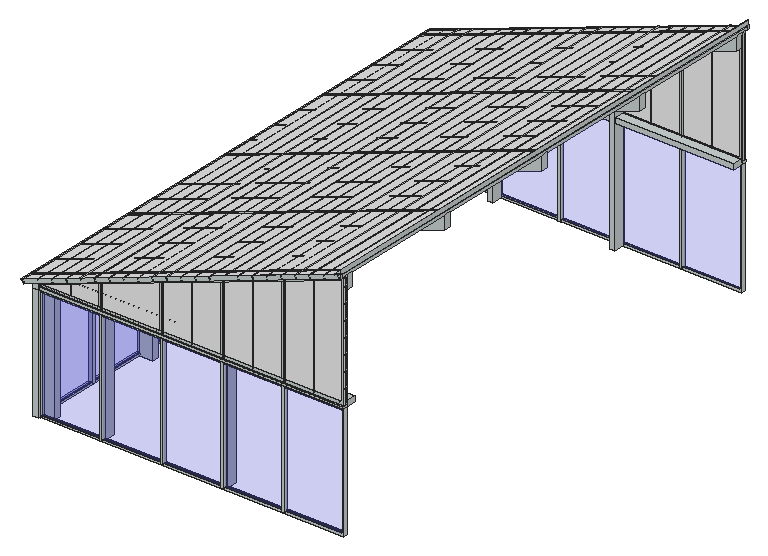
Revit family "Lean-To Shed Enclosure", category Generic Models, Revit 2018 (continued)
Definition of nested family "Lean-To Shed Enclosure Endwall Panels"
  Reference planes (in)
    plane 8: z = 2.751
    plane 9: y = -1.75
    plane 10 "Left Outside": x = -1100
    plane 11 "Right Outside": x = 1100
    plane 12: y = 0.25
    plane 13 "Max Top PD": y = 1080
    plane 14 "Max Left PD": x = -1076
    plane 15 "Max Right PD": x = 1076
    plane 16 "Top Outside": y = 1104
    plane 17: x = -24
    plane 18: x = -48
    plane 19: x = -72
    plane 20: x = -96
    plane 21: x = -120
    plane 22: x = -144
    plane 23: x = -168
    plane 24: x = -192
    plane 25: x = 24
    plane 26: x = 48
    plane 27: x = 72
    plane 28: x = 96
    plane 29: x = 120
    plane 30: x = 144
    plane 31: x = 168
    plane 32: x = 192
    plane 33: x = 216
    plane 34: x = -216
    plane 35: x = -240
    plane 36: x = 240
    plane 37: x = -264
    plane 38: x = -288
    plane 39: x = -312
    plane 40: x = -336
    plane 41: x = -360
    plane 42: x = -384
    plane 43: x = -408
    plane 44: x = 264
    plane 45: x = 288
    plane 46: x = 312
    plane 47: x = 336
    plane 48: x = 360
    plane 49: x = 384
    plane 50: x = 408
    plane 51: y = 12.25
    plane 52: y = 24.25
    plane 53: y = 36.25
    plane 54: y = 48.25
    plane 55: y = 60.25
    plane 56: y = 72.25
    plane 57: y = 84.25
    plane 58: y = 96.25
    plane 59: y = 108.25
    plane 60: z = 2.876
    plane 61: z = -0.125
    plane 62 "Bot Max": y = -36
    plane 63 "Bot Outside": y = -48
    plane 64: x = -432
    plane 65: x = -456
    plane 66: x = 432
    plane 67: x = 456
    plane 68: y = 120.25
    plane 69: y = 132.25
    plane 70: y = 144.25
    plane 71: y = 156.25
    plane 72: y = 168.25
    plane 73: y = 180.25
    plane 74: y = 192.25
    plane 75: y = 204.25
    plane 76: y = 216.25
    plane 77: y = 228.25
    plane 78: y = 240.25
    plane 79: y = 252.25
    plane 80: y = 264.25
    plane 81: y = 276.25
    plane 82: y = 288.25
    plane 83: y = 300.25
    plane 84: y = 312.25
    plane 85: y = 324.25
    plane 86: y = 336.25
    plane 87: y = 348.25
    plane 88: y = 360.25
    plane 89: y = 372.25
    plane 90: y = 384.25
    plane 91: y = 396.25
    plane 92: y = 408.25
    plane 93: y = 420.25
    plane 94: y = 432.25
    plane 95: y = 444.25
    plane 96: y = 456.25
    plane 97: y = 468.25
    plane 98: y = 480.25
    plane 99: y = 492.25
    plane 100: y = 504.25
    plane 101: y = 516.25
    plane 102: y = 528.25
    plane 103: x = -480
    plane 104: x = -504
    plane 105: x = -528
    plane 106: x = -552
    plane 107: x = -576
    plane 108: x = -600
    plane 109: x = -624
    plane 110: x = -648
    plane 111: x = -672
    plane 112: x = -696
    plane 113: x = -720
    plane 114: x = -744
    plane 115: x = 480
    plane 116: x = 504
    plane 117: x = 552
    plane 118: x = 528
    plane 119: x = 576
    plane 120: x = 600
    plane 121: x = 648
    plane 122: x = 624
    plane 123: x = 672
    plane 124: x = 696
    plane 125: x = 720
    plane 126: x = 744
    plane 127: y = 540.25
    plane 128: y = 552.25
    plane 129: y = 564.25
    plane 130: y = 576.25
    plane 131: y = 588.25
    plane 132: y = 600.25
    plane 133: y = 612.25
    plane 134: y = 624.25
    plane 135: y = 636.25
    plane 136: y = 648.25
    plane 137: y = 660.25
    plane 138: y = 684.25
    plane 139: y = 696.25
    plane 140: y = 672.25
    plane 141: y = 708.25
    plane 142: y = 720.25
    plane 143: y = 744.25
    plane 144: y = 732.25
    plane 145: y = 768.25
    plane 146: y = 756.25
    plane 147: y = 780.25
    plane 148: y = 804.25
    plane 149: y = 792.25
    plane 150: y = 816.25
    plane 151: y = 828.25
    plane 152: y = 840.25
    plane 153: y = 852.25
    plane 154: y = 864.25
    plane 155: y = 876.25
    plane 156: y = 888.25
    plane 157: y = 900.25
    plane 158: y = 912.25
    plane 159: y = 936.25
    plane 160: y = 948.25
    plane 161: y = 960.25
    plane 162: y = 924.25
  Forms (in)
    Extrusion 1, solid
      sketch origin (0, 0, 0) x (1, 0, 0) y (0, 1, 0)
        loop
          line (1076, 0) -> (1076, 1080) -> (-1076, 1080) -> (-1076, 0) -> (1076, 0)
      from 0.063 to 0
    Extrusion 2, solid
      sketch origin (0, 0, 0) x (1, 0, 0) y (0, 1, 0)
        loop
          line (1076, 0) -> (1076, 1080) -> (-1076, 1080) -> (-1076, 0) -> (1076, 0)
      from 2.688 to 2.751
    Sweep 3, solid
      path origin (0, 0, 0) x (1, 0, 0) y (0, 1, 0)
        loop
          line (1076, 1080) -> (1076, 0.25) -> (744, 0.25) -> (744, 1080) -> (720, 1080) -> (720, 0.25) -> (696, 0.25) -> (696, 1080) -> (672, 1080) -> (672, 0.25) -> (648, 0.25) -> (648, 1080) -> (624, 1080) -> (624, 0.25) -> (600, 0.25) -> (600, 1080) -> (576, 1080) -> (576, 0.25) -> (552, 0.25) -> (552, 1080) -> (528, 1080) -> (528, 0.25) -> (504, 0.25) -> (504, 1080) -> (480, 1080) -> (480, 0.25) -> (456, 0.25) -> (456, 1080) -> (432, 1080) -> (432, 0.25) -> (408, 0.25) -> (408, 1080) -> (384, 1080) -> (384, 0.25) -> (360, 0.25) -> (360, 1080) -> (336, 1080) -> (336, 0.25) -> (312, 0.25) -> (312, 1080) -> (288, 1080) -> (288, 0.25) -> (264, 0.25) -> (264, 1080) -> (240, 1080) -> (240, 0.25) -> (216, 0.25) -> (216, 1080) -> (192, 1080) -> (192, 0.25) -> (168, 0.25) -> (168, 1080) -> (144, 1080) -> (144, 0.25) -> (120, 0.25) -> (120, 1080) -> (96, 1080) -> (96, 0.25) -> (72, 0.25) -> (72, 1080) -> (48, 1080) -> (48, 0.25) -> (24, 0.25) -> (24, 1080) -> (0, 1080) -> (0, 0.25) -> (-24, 0.25) -> (-24, 1080) -> (-48, 1080) -> (-48, 0.25) -> (-72, 0.25) -> (-72, 1080) -> (-96, 1080) -> (-96, 0.25) -> (-120, 0.25) -> (-120, 1080) -> (-144, 1080) -> (-144, 0.25) -> (-168, 0.25) -> (-168, 1080) -> (-192, 1080) -> (-192, 0.25) -> (-216, 0.25) -> (-216, 1080) -> (-240, 1080) -> (-240, 0.25) -> (-264, 0.25) -> (-264, 1080) -> (-288, 1080) -> (-288, 0.25) -> (-312, 0.25) -> (-312, 1080) -> (-336, 1080) -> (-336, 0.25) -> (-360, 0.25) -> (-360, 1080) -> (-384, 1080) -> (-384, 0.25) -> (-408, 0.25) -> (-408, 1080) -> (-432, 1080) -> (-432, 0.25) -> (-456, 0.25) -> (-456, 1080) -> (-480, 1080) -> (-480, 0.25) -> (-504, 0.25) -> (-504, 1080) -> (-528, 1080) -> (-528, 0.25) -> (-552, 0.25) -> (-552, 1080) -> (-576, 1080) -> (-576, 0.25) -> (-600, 0.25) -> (-600, 1080) -> (-624, 1080) -> (-624, 0.25) -> (-648, 0.25) -> (-648, 1080) -> (-672, 1080) -> (-672, 0.25) -> (-696, 0.25) -> (-696, 1080) -> (-720, 1080) -> (-720, 0.25) -> (-744, 0.25) -> (-744, 1080) -> (-1076, 1080) -> (-1076, 0.25)
      profile origin (-1076, 540.125, 0) x (1, 0, 0) y (0, 0, 1)
        loop
          line (0.25, 0.063) -> (0.25, 2.688) -> (-0.25, 2.688) -> (-0.25, 0.063) -> (0.25, 0.063)
    Sweep 4, solid
      path origin (0, 0, 0) x (1, 0, 0) y (0, 1, 0)
        loop
          line (1076, 1080) -> (-1076, 1080) -> (-1076, 960.25) -> (1076, 960.25) -> (1076, 948.25) -> (-1076, 948.25) -> (-1076, 936.25) -> (1076, 936.25) -> (1076, 924.25) -> (-1076, 924.25) -> (-1076, 912.25) -> (1076, 912.25) -> (1076, 900.25) -> (-1076, 900.25) -> (-1076, 888.25) -> (1076, 888.25) -> (1076, 876.25) -> (-1076, 876.25) -> (-1076, 864.25) -> (1076, 864.25) -> (1076, 852.25) -> (-1076, 852.25) -> (-1076, 840.25) -> (1076, 840.25) -> (1076, 828.25) -> (-1076, 828.25) -> (-1076, 816.25) -> (1076, 816.25) -> (1076, 804.25) -> (-1076, 804.25) -> (-1076, 792.25) -> (1076, 792.25) -> (1076, 780.25) -> (-1076, 780.25) -> (-1076, 768.25) -> (1076, 768.25) -> (1076, 756.25) -> (-1076, 756.25) -> (-1076, 744.25) -> (1076, 744.25) -> (1076, 732.25) -> (-1076, 732.25) -> (-1076, 720.25) -> (1076, 720.25) -> (1076, 708.25) -> (-1076, 708.25) -> (-1076, 696.25) -> (1076, 696.25) -> (1076, 684.25) -> (-1076, 684.25) -> (-1076, 672.25) -> (1076, 672.25) -> (1076, 660.25) -> (-1076, 660.25) -> (-1076, 648.25) -> (1076, 648.25) -> (1076, 636.25) -> (-1076, 636.25) -> (-1076, 624.25) -> (1076, 624.25) -> (1076, 612.25) -> (-1076, 612.25) -> (-1076, 600.25) -> (1076, 600.25) -> (1076, 588.25) -> (-1076, 588.25) -> (-1076, 576.25) -> (1076, 576.25) -> (1076, 564.25) -> (-1076, 564.25) -> (-1076, 552.25) -> (1076, 552.25) -> (1076, 540.25) -> (-1076, 540.25) -> (-1076, 528.25) -> (1076, 528.25) -> (1076, 516.25) -> (-1076, 516.25) -> (-1076, 504.25) -> (1076, 504.25) -> (1076, 492.25) -> (-1076, 492.25) -> (-1076, 480.25) -> (1076, 480.25) -> (1076, 468.25) -> (-1076, 468.25) -> (-1076, 456.25) -> (1076, 456.25) -> (1076, 444.25) -> (-1076, 444.25) -> (-1076, 432.25) -> (1076, 432.25) -> (1076, 420.25) -> (-1076, 420.25) -> (-1076, 408.25) -> (1076, 408.25) -> (1076, 396.25) -> (-1076, 396.25) -> (-1076, 384.25) -> (1076, 384.25) -> (1076, 372.25) -> (-1076, 372.25) -> (-1076, 360.25) -> (1076, 360.25) -> (1076, 348.25) -> (-1076, 348.25) -> (-1076, 336.25) -> (1076, 336.25) -> (1076, 324.25) -> (-1076, 324.25) -> (-1076, 312.25) -> (1076, 312.25) -> (1076, 300.25) -> (-1076, 300.25) -> (-1076, 288.25) -> (1076, 288.25) -> (1076, 276.25) -> (-1076, 276.25) -> (-1076, 264.25) -> (1076, 264.25) -> (1076, 252.25) -> (-1076, 252.25) -> (-1076, 240.25) -> (1076, 240.25) -> (1076, 228.25) -> (-1076, 228.25) -> (-1076, 216.25) -> (1076, 216.25) -> (1076, 204.25) -> (-1076, 204.25) -> (-1076, 192.25) -> (1076, 192.25) -> (1076, 180.25) -> (-1076, 180.25) -> (-1076, 168.25) -> (1076, 168.25) -> (1076, 156.25) -> (-1076, 156.25) -> (-1076, 144.25) -> (1076, 144.25) -> (1076, 132.25) -> (-1076, 132.25) -> (-1076, 120.25) -> (1076, 120.25) -> (1076, 108.25) -> (-1076, 108.25) -> (-1076, 96.25) -> (1076, 96.25) -> (1076, 84.25) -> (-1076, 84.25) -> (-1076, 72.25) -> (1076, 72.25) -> (1076, 60.25) -> (-1076, 60.25) -> (-1076, 48.25) -> (1076, 48.25) -> (1076, 36.25) -> (-1076, 36.25) -> (-1076, 24.25) -> (1076, 24.25) -> (1076, 12.25) -> (-1076, 12.25) -> (-1076, 0.25) -> (1076, 0.25)
      profile origin (0, 0.25, 0) x (0, 1, 0) y (0, 0, 1)
        loop
          line (-0.25, 2.688) -> (-0.25, 0.063) -> (0.25, 0.063) -> (0.25, 2.688) -> (-0.25, 2.688)
    Extrusion 5, void
      sketch origin (0, 0, 0) x (1, 0, 0) y (0, 1, 0)
        loop
          line (120, -1.75) -> (120, 96) -> (720, 96) -> (720, -1.75) -> (1100, -1.75) -> (1100, 1104) -> (-1100, 1104) -> (-1100, -1.75) -> (120, -1.75)
      from -0.125 to 2.876
    Extrusion 6, void
      sketch origin (0, 0, 0) x (1, 0, 0) y (0, 1, 0)
        loop
          line (-1100, -48) -> (1100, -48) -> (1100, 0) -> (-1100, 0) -> (-1100, -48)
      from -0.125 to 2.876
    Sweep 7, solid, material <- "CRF"
      path origin (0, 0, 0) x (1, 0, 0) y (0, 1, 0)
        loop
          line (-1076, 1080) -> (-1076, -36) -> (-720, -36) -> (-720, 1080) -> (-672, 1080) -> (-672, -36) -> (-624, -36) -> (-624, 1080) -> (-576, 1080) -> (-576, -36) -> (-528, -36) -> (-528, 1080) -> (-480, 1080) -> (-480, -36) -> (-432, -36) -> (-432, 1080) -> (-384, 1080) -> (-384, -36) -> (-336, -36) -> (-336, 1080) -> (-288, 1080) -> (-288, -36) -> (-240, -36) -> (-240, 1080) -> (-192, 1080) -> (-192, -36) -> (-144, -36) -> (-144, 1080) -> (-96, 1080) -> (-96, -36) -> (-48, -36) -> (-48, 1080) -> (0, 1080) -> (0, -36) -> (48, -36) -> (48, 1080) -> (96, 1080) -> (96, -36) -> (144, -36) -> (144, 1080) -> (192, 1080) -> (192, -36) -> (240, -36) -> (240, 1080) -> (288, 1080) -> (288, -36) -> (336, -36) -> (336, 1080) -> (384, 1080) -> (384, -36) -> (432, -36) -> (432, 1080) -> (480, 1080) -> (480, -36) -> (528, -36) -> (528, 1080) -> (576, 1080) -> (576, -36) -> (624, -36) -> (624, 1080) -> (672, 1080) -> (672, -36) -> (720, -36) -> (720, 1080) -> (1076, 1080) -> (1076, -36)
      profile origin (-1076, 522, 0) x (1, 0, 0) y (0, 0, 1)
        loop
          line (-1, 2.876) -> (-1, -0.125) -> (1, -0.125) -> (1, 2.876) -> (-1, 2.876)
    Sweep 8, solid, material <- "CRF"
      path origin (0, 0, 0) x (1, 0, 0) y (0, 1, 0)
        loop
          line (720, 0) -> (720, 96) -> (120, 96) -> (120, 0) -> (720, 0)
      profile origin (420, 0, 0) x (0, -1, 0) y (0, 0, 1)
        loop
          line (-2, 2.9385) -> (-2, 2.751) -> (0, 2.751) -> (0, 2.9385) -> (-2, 2.9385)
        loop
          line (-2, 0) -> (-2, -0.1875) -> (0, -0.1875) -> (0, 0) -> (-2, 0)
  Cuts and joins
    Extrusion 5, Extrusion 6 cuts Sweep 4
    Extrusion 5, Extrusion 6 cuts Sweep 3
    Extrusion 5 cuts Extrusion 2
    Extrusion 5, Extrusion 6 cuts Extrusion 1
    Extrusion 5, Extrusion 6 cuts Sweep 7
  Lines and regions (in)
    reference lines
      curve 1: line (120, 96, 0) -> (438, 96, 0)
  Dimensions and locks (in)
    "Cope Height": plane 1 "Center (Front/Back)" to curve 1
    locked: plane 4 "Left Panel" to curve 1
    "Panel Skin Thickness": plane 6 to plane 2
    "IBeam Thickness": plane 7 to plane 6
    "Panel Skin Thickness": plane 8 to plane 7
    "Overlap Width": plane 1 "Center (Front/Back)" to plane 9
    locked: plane 10 "Left Outside" to plane 3 "Center (Left/Right)" at 1100
    locked: plane 3 "Center (Left/Right)" to plane 11 "Right Outside" at 1100
    "Half IBeam Width": plane 1 "Center (Front/Back)" to plane 12
    locked: plane 1 "Center (Front/Back)" to plane 13 "Max Top PD" at 1080
    equal spacing: Sweep 3 sketch curve, profile plane, Sweep 3 sketch curve
    "IBeam Width": Sweep 3 sketch curve to Sweep 3 sketch curve
    "IBeam Width": Sweep 4 sketch curve to Sweep 4 sketch curve
    equal spacing: Sweep 4 sketch curve, plane 12, Sweep 4 sketch curve
    "Batten Thickness": plane 60 to plane 8
    "Batten Thickness": plane 2 to plane 61
    locked: plane 62 "Bot Max" to plane 1 "Center (Front/Back)" at 36
    locked: plane 63 "Bot Outside" to plane 1 "Center (Front/Back)" at 48
    "Horizontal Grid Spacing": plane 65 to plane 64 to plane 43 to plane 42 to plane 41 to plane 40 to plane 39 to plane 38 to plane 37 to plane 35 to plane 34 to plane 24 to plane 23 to plane 22 to plane 21 to plane 20 to plane 19 to plane 18 to plane 17 to plane 3 "Center (Left/Right)" to plane 25 to plane 26 to plane 27 to plane 28 to plane 29 to plane 30 to plane 31 to plane 32 to plane 33 to plane 36 to plane 44 to plane 45 to plane 46 to plane 47 to plane 48 to plane 49 to plane 50 to plane 66 to plane 67
    "Vertical Grid Spacing": plane 102 to plane 101 to plane 100 to plane 99 to plane 98 to plane 97 to plane 96 to plane 95 to plane 94 to plane 93 to plane 92 to plane 91 to plane 90 to plane 89 to plane 88 to plane 87 to plane 86 to plane 85 to plane 84 to plane 83 to plane 82 to plane 81 to plane 80 to plane 79 to plane 78 to plane 77 to plane 76 to plane 75 to plane 74 to plane 73 to plane 72 to plane 71 to plane 70 to plane 69 to plane 68 to plane 59 to plane 58 to plane 57 to plane 56 to plane 55 to plane 54 to plane 53 to plane 52 to plane 51 to plane 12
    equal spacing: Sweep 7 sketch curve, profile plane, Sweep 7 sketch curve
    "Batten Width": Sweep 7 sketch curve to Sweep 7 sketch curve
    locked: plane 10 "Left Outside" to plane 14 "Max Left PD" at 24
    locked: plane 15 "Max Right PD" to plane 11 "Right Outside" at 24
    locked: plane 16 "Top Outside" to plane 13 "Max Top PD" at 24
    "Horizontal Grid Spacing": plane 114 to plane 113 to plane 112 to plane 111 to plane 110 to plane 109 to plane 108 to plane 107 to plane 106 to plane 105 to plane 104 to plane 103 to plane 65
    "Horizontal Grid Spacing": plane 67 to plane 115 to plane 116 to plane 118 to plane 117 to plane 119 to plane 120 to plane 122 to plane 121 to plane 123 to plane 124 to plane 125 to plane 126
    "Vertical Grid Spacing": plane 102 to plane 127 to plane 128 to plane 129 to plane 130 to plane 131 to plane 132 to plane 133 to plane 134 to plane 135 to plane 136 to plane 137 to plane 140 to plane 138 to plane 139 to plane 141 to plane 142 to plane 144 to plane 143 to plane 146 to plane 145 to plane 147
    "Vertical Grid Spacing": plane 147 to plane 149 to plane 148 to plane 150 to plane 151 to plane 152 to plane 153 to plane 154 to plane 155 to plane 156 to plane 157 to plane 158 to plane 162 to plane 159 to plane 160 to plane 161
    "Batten Width": Sweep 8 sketch curve to Sweep 8 sketch curve  (x2)
    locked: Sweep 8 sketch curve to Sweep 8 sketch curve at 0.1875  (x2)
    "Horizontal PD": plane 4 "Left Panel" to plane 5 "Right Panel"
    "Roof Pitch": angle plane 1 "Center (Front/Back)" to curve 1
    aligned and locked: level to plane 2
    aligned and locked: Extrusion 1 sketch curve to plane 1 "Center (Front/Back)"
    aligned and locked: plane 2 to Extrusion 1
    aligned and locked: Extrusion 1 to plane 6
    aligned and locked: Extrusion 2 to plane 7
    aligned and locked: Extrusion 2 to plane 8
    aligned and locked: Sweep 3 sketch curve to plane 14 "Max Left PD"
    aligned and locked: Sweep 3 sketch curve to plane 13 "Max Top PD"  (x30)
    aligned and locked: Sweep 3 sketch curve to plane 42
    aligned and locked: Sweep 3 sketch curve to plane 41
    aligned and locked: Sweep 3 sketch curve to plane 40
    aligned and locked: Sweep 3 sketch curve to plane 39
    aligned and locked: Sweep 3 sketch curve to plane 38
    aligned and locked: Sweep 3 sketch curve to plane 37
    aligned and locked: Sweep 3 sketch curve to plane 35
    aligned and locked: Sweep 3 sketch curve to plane 34
    aligned and locked: Sweep 3 sketch curve to plane 24
    aligned and locked: Sweep 3 sketch curve to plane 23
    aligned and locked: Sweep 3 sketch curve to plane 22
    aligned and locked: Sweep 3 sketch curve to plane 21
    aligned and locked: Sweep 3 sketch curve to plane 20
    aligned and locked: Sweep 3 sketch curve to plane 19
    aligned and locked: Sweep 3 sketch curve to plane 18
    aligned and locked: Sweep 3 sketch curve to plane 17
    aligned and locked: Sweep 3 sketch curve to plane 3 "Center (Left/Right)"
    aligned and locked: Sweep 3 sketch curve to plane 25
    aligned and locked: Sweep 3 sketch curve to plane 26
    aligned and locked: Sweep 3 sketch curve to plane 27
    aligned and locked: Sweep 3 sketch curve to plane 28
    aligned and locked: Sweep 3 sketch curve to plane 29
    aligned and locked: Sweep 3 sketch curve to plane 30
    aligned and locked: Sweep 3 sketch curve to plane 31
    aligned and locked: Sweep 3 sketch curve to plane 32
    aligned and locked: Sweep 3 sketch curve to plane 33
    aligned and locked: Sweep 3 sketch curve to plane 36
    aligned and locked: Sweep 3 sketch curve to plane 44
    aligned and locked: Sweep 3 sketch curve to plane 45
    aligned and locked: Sweep 3 sketch curve to plane 46
    aligned and locked: Sweep 3 sketch curve to plane 47
    aligned and locked: Sweep 3 sketch curve to plane 48
    aligned and locked: Sweep 3 sketch curve to plane 49
    aligned and locked: Sweep 3 sketch curve to plane 50
    aligned and locked: Sweep 3 sketch curve to plane 12  (x32)
    aligned and locked: plane 12 to Sweep 3 sketch curve
    aligned and locked: Sweep 3 sketch curve to plane 7
    aligned and locked: plane 6 to Sweep 3 sketch curve
    aligned and locked: Extrusion 2 sketch curve to plane 15 "Max Right PD"
    aligned and locked: plane 14 "Max Left PD" to Extrusion 2 sketch curve
    aligned and locked: Extrusion 2 sketch curve to plane 13 "Max Top PD"
    aligned and locked: Extrusion 1 sketch curve to plane 13 "Max Top PD"
    aligned and locked: Extrusion 1 sketch curve to plane 14 "Max Left PD"
    aligned and locked: Extrusion 1 sketch curve to plane 15 "Max Right PD"
    aligned and locked: Sweep 4 sketch curve to plane 12
    aligned and locked: Sweep 4 sketch curve to plane 51
    aligned and locked: Sweep 4 sketch curve to plane 52
    aligned and locked: Sweep 4 sketch curve to plane 53
    aligned and locked: Sweep 4 sketch curve to plane 54
    aligned and locked: Sweep 4 sketch curve to plane 55
    aligned and locked: Sweep 4 sketch curve to plane 56
    aligned and locked: Sweep 4 sketch curve to plane 57
    aligned and locked: Sweep 4 sketch curve to plane 58
    aligned and locked: Sweep 4 sketch curve to plane 59
    aligned and locked: Sweep 4 sketch curve to plane 13 "Max Top PD"
    aligned and locked: plane 15 "Max Right PD" to Sweep 4 sketch curve
    aligned and locked: plane 14 "Max Left PD" to Sweep 4 sketch curve  (x41)
    aligned and locked: Sweep 4 sketch curve to plane 15 "Max Right PD"  (x41)
    aligned and locked: plane 6 to Sweep 4 sketch curve
    aligned and locked: Sweep 4 sketch curve to plane 7
    aligned and locked: Extrusion 5 sketch curve to plane 16 "Top Outside"
    aligned and locked: plane 9 to Extrusion 5 sketch curve
    aligned and locked: Extrusion 5 sketch curve to plane 9
    aligned and locked: Extrusion 5 sketch curve to curve 1
    aligned and locked: Extrusion 5 sketch curve to plane 11 "Right Outside"
    aligned and locked: plane 10 "Left Outside" to Extrusion 5 sketch curve
    aligned and locked: Extrusion 5 to plane 61
    aligned and locked: Extrusion 5 to plane 60
    aligned and locked: Extrusion 6 sketch curve to plane 1 "Center (Front/Back)"
    aligned and locked: plane 11 "Right Outside" to Extrusion 6 sketch curve
    aligned and locked: Extrusion 6 sketch curve to plane 10 "Left Outside"
    aligned and locked: Extrusion 6 sketch curve to plane 63 "Bot Outside"
    aligned and locked: plane 61 to Extrusion 6
    aligned and locked: plane 60 to Extrusion 6
    aligned and locked: Sweep 3 sketch curve to plane 65
    aligned and locked: Sweep 3 sketch curve to plane 64
    aligned and locked: Sweep 3 sketch curve to plane 43
    aligned and locked: Sweep 3 sketch curve to plane 66
    aligned and locked: Sweep 3 sketch curve to plane 67
    aligned and locked: Sweep 3 sketch curve to plane 15 "Max Right PD"
    aligned and locked: Sweep 4 sketch curve to plane 68
    aligned and locked: Sweep 4 sketch curve to plane 69
    aligned and locked: Sweep 4 sketch curve to plane 70
    aligned and locked: Sweep 4 sketch curve to plane 71
    aligned and locked: Sweep 4 sketch curve to plane 72
    aligned and locked: Sweep 4 sketch curve to plane 73
    aligned and locked: Sweep 4 sketch curve to plane 74
    aligned and locked: Sweep 4 sketch curve to plane 75
    aligned and locked: Sweep 4 sketch curve to plane 76
    aligned and locked: Sweep 4 sketch curve to plane 77
    aligned and locked: Sweep 4 sketch curve to plane 78
    aligned and locked: Sweep 4 sketch curve to plane 79
    aligned and locked: Sweep 4 sketch curve to plane 80
    aligned and locked: Sweep 4 sketch curve to plane 81
    aligned and locked: Sweep 4 sketch curve to plane 82
    aligned and locked: Sweep 4 sketch curve to plane 83
    aligned and locked: Sweep 4 sketch curve to plane 84
    aligned and locked: Sweep 4 sketch curve to plane 85
    aligned and locked: Sweep 4 sketch curve to plane 86
    aligned and locked: Sweep 4 sketch curve to plane 87
    aligned and locked: Sweep 4 sketch curve to plane 88
    aligned and locked: Sweep 4 sketch curve to plane 89
    aligned and locked: Sweep 4 sketch curve to plane 90
    aligned and locked: Sweep 4 sketch curve to plane 91
    aligned and locked: Sweep 4 sketch curve to plane 92
    aligned and locked: Sweep 4 sketch curve to plane 93
    aligned and locked: Sweep 4 sketch curve to plane 94
    aligned and locked: Sweep 4 sketch curve to plane 95
    aligned and locked: Sweep 4 sketch curve to plane 96
    aligned and locked: Sweep 4 sketch curve to plane 97
    aligned and locked: Sweep 4 sketch curve to plane 98
    aligned and locked: Sweep 4 sketch curve to plane 99
    aligned and locked: Sweep 4 sketch curve to plane 100
    aligned and locked: Sweep 4 sketch curve to plane 101
    aligned and locked: Sweep 4 sketch curve to plane 102
    aligned and locked: Sweep 7 sketch curve to plane 14 "Max Left PD"
    aligned and locked: Sweep 7 sketch curve to plane 42
    aligned and locked: Sweep 7 sketch curve to plane 38
    aligned and locked: Sweep 7 sketch curve to plane 24
    aligned and locked: Sweep 7 sketch curve to plane 20
    aligned and locked: Sweep 7 sketch curve to plane 3 "Center (Left/Right)"
    aligned and locked: Sweep 7 sketch curve to plane 28
    aligned and locked: Sweep 7 sketch curve to plane 32
    aligned and locked: Sweep 7 sketch curve to plane 45
    aligned and locked: Sweep 7 sketch curve to plane 49
    aligned and locked: Sweep 7 sketch curve to plane 15 "Max Right PD"
    aligned and locked: Sweep 7 sketch curve to plane 13 "Max Top PD"  (x14)
    aligned and locked: Sweep 7 sketch curve to plane 62 "Bot Max"  (x10)
    aligned and locked: plane 61 to Sweep 7 sketch curve
    aligned and locked: Sweep 7 sketch curve to plane 60
    aligned and locked: Sweep 3 sketch curve to plane 103
    aligned and locked: Sweep 3 sketch curve to plane 104
    aligned and locked: Sweep 3 sketch curve to plane 105
    aligned and locked: Sweep 3 sketch curve to plane 106
    aligned and locked: Sweep 3 sketch curve to plane 107
    aligned and locked: Sweep 3 sketch curve to plane 108
    aligned and locked: Sweep 3 sketch curve to plane 109
    aligned and locked: Sweep 3 sketch curve to plane 110
    aligned and locked: Sweep 3 sketch curve to plane 111
    aligned and locked: Sweep 3 sketch curve to plane 112
    aligned and locked: Sweep 3 sketch curve to plane 113
    aligned and locked: Sweep 3 sketch curve to plane 114
    aligned and locked: Sweep 3 sketch curve to plane 115
    aligned and locked: Sweep 3 sketch curve to plane 116
    aligned and locked: Sweep 3 sketch curve to plane 118
    aligned and locked: Sweep 3 sketch curve to plane 117
    aligned and locked: Sweep 3 sketch curve to plane 119
    aligned and locked: Sweep 3 sketch curve to plane 120
    aligned and locked: Sweep 3 sketch curve to plane 122
    aligned and locked: Sweep 3 sketch curve to plane 121
    aligned and locked: Sweep 3 sketch curve to plane 123
    aligned and locked: Sweep 3 sketch curve to plane 124
    aligned and locked: Sweep 3 sketch curve to plane 125
    aligned and locked: Sweep 3 sketch curve to plane 126
    aligned and locked: plane 13 "Max Top PD" to Sweep 3 sketch curve  (x3)
    aligned and locked: Sweep 4 sketch curve to plane 127
    aligned and locked: Sweep 4 sketch curve to plane 128
    aligned and locked: Sweep 4 sketch curve to plane 129
    aligned and locked: Sweep 4 sketch curve to plane 130
    aligned and locked: Sweep 4 sketch curve to plane 131
    aligned and locked: Sweep 4 sketch curve to plane 132
    aligned and locked: Sweep 4 sketch curve to plane 133
    aligned and locked: Sweep 4 sketch curve to plane 134
    aligned and locked: Sweep 4 sketch curve to plane 135
    aligned and locked: Sweep 4 sketch curve to plane 136
    aligned and locked: Sweep 4 sketch curve to plane 137
    aligned and locked: Sweep 4 sketch curve to plane 140
    aligned and locked: Sweep 4 sketch curve to plane 138
    aligned and locked: Sweep 4 sketch curve to plane 139
    aligned and locked: Sweep 4 sketch curve to plane 141
    aligned and locked: Sweep 4 sketch curve to plane 142
    aligned and locked: Sweep 4 sketch curve to plane 144
    aligned and locked: Sweep 4 sketch curve to plane 143
    aligned and locked: Sweep 4 sketch curve to plane 146
    aligned and locked: Sweep 4 sketch curve to plane 145
    aligned and locked: Sweep 4 sketch curve to plane 147
    aligned and locked: Sweep 4 sketch curve to plane 149
    aligned and locked: Sweep 4 sketch curve to plane 148
    aligned and locked: Sweep 4 sketch curve to plane 150
    aligned and locked: Sweep 4 sketch curve to plane 151
    aligned and locked: Sweep 4 sketch curve to plane 152
    aligned and locked: Sweep 4 sketch curve to plane 153
    aligned and locked: Sweep 4 sketch curve to plane 154
    aligned and locked: Sweep 4 sketch curve to plane 155
    aligned and locked: Sweep 4 sketch curve to plane 156
    aligned and locked: Sweep 4 sketch curve to plane 157
    aligned and locked: Sweep 4 sketch curve to plane 158
    aligned and locked: Sweep 4 sketch curve to plane 162
    aligned and locked: Sweep 4 sketch curve to plane 159
    aligned and locked: Sweep 4 sketch curve to plane 160
    aligned and locked: Sweep 4 sketch curve to plane 161
    aligned and locked: Sweep 7 sketch curve to plane 103
    aligned and locked: Sweep 7 sketch curve to plane 107
    aligned and locked: Sweep 7 sketch curve to plane 111
    aligned and locked: Sweep 7 sketch curve to plane 115
    aligned and locked: Sweep 7 sketch curve to plane 119
    aligned and locked: Sweep 7 sketch curve to plane 123
    aligned and locked: plane 62 "Bot Max" to Sweep 7 sketch curve  (x7)
    aligned and locked: plane 13 "Max Top PD" to Sweep 7 sketch curve  (x4)
    aligned and locked: Extrusion 2 sketch curve to plane 1 "Center (Front/Back)"
    aligned and locked: Extrusion 5 sketch curve to plane 4 "Left Panel"
    aligned and locked: Extrusion 5 sketch curve to plane 5 "Right Panel"
    aligned and locked: Sweep 7 sketch curve to plane 113
    aligned and locked: Sweep 7 sketch curve to plane 109
    aligned and locked: Sweep 7 sketch curve to plane 105
    aligned and locked: Sweep 7 sketch curve to plane 64
    aligned and locked: Sweep 7 sketch curve to plane 40
    aligned and locked: Sweep 7 sketch curve to plane 35
    aligned and locked: Sweep 7 sketch curve to plane 22
    aligned and locked: Sweep 7 sketch curve to plane 18
    aligned and locked: Sweep 7 sketch curve to plane 26
    aligned and locked: Sweep 7 sketch curve to plane 30
    aligned and locked: Sweep 7 sketch curve to plane 36
    aligned and locked: Sweep 7 sketch curve to plane 47
    aligned and locked: Sweep 7 sketch curve to plane 66
    aligned and locked: Sweep 7 sketch curve to plane 118
    aligned and locked: Sweep 7 sketch curve to plane 122
    aligned and locked: Sweep 7 sketch curve to plane 125
    aligned and locked: Sweep 8 sketch curve to plane 1 "Center (Front/Back)"
    aligned and locked: Sweep 8 sketch curve to plane 4 "Left Panel"
    aligned and locked: Sweep 8 sketch curve to curve 1
    aligned and locked: Sweep 8 sketch curve to plane 5 "Right Panel"
    aligned and locked: profile plane to Sweep 8 sketch curve  (x2)
    aligned and locked: Sweep 8 sketch curve to profile plane
    aligned and locked: plane 8 to Sweep 8 sketch curve
    aligned and locked: plane 5 "Right Panel" to plane 125
  Automatic sketch dimensions
    Sweep 3 sketch curve to plane 112 = 0' - 0"
Definition of nested family "Lean-To Shed Enclosure Front Wall Panels"
  Parameters (values of type "Lean-To Shed Enclosure Front Wall Panels")
    Vertical PD [instance] = 14' - 7"
    Vertical Grid Spacing [instance] = 1' - 0"  # constant formula
    Panel Skin Thickness [instance] = 0' - 0.063"  # constant formula
    Panel Angle [instance] = 90.00°
    Overlap Width [instance] = 0' - 1 3/4"  # constant formula
    Overlap Offset [instance] = Overlap Width / 2  # 0' - 0 7/8"
    IBeam Width [instance] = 0' - 0 1/2"  # constant formula
    IBeam Thickness [instance] = 0' - 2 5/8"  # constant formula
    Horizontal PD [instance] = 50' - 0"
    Horizontal Grid Spacing [instance] = Bay Spacing / 4  # 2' - 0"
    Half IBeam Width [instance] = IBeam Width / 2  # 0' - 0 1/4"
    Half Horizontal PD [instance] = Horizontal PD / 2  # 25' - 0"
    Default Elevation = 4' - 0"
    CRF [instance] = none
    Bay Spacing [instance] = 8' - 0"
    Batten Width [instance] = 0' - 2"  # constant formula
    Batten Thickness [instance] = 0' - 0 1/8"  # constant formula
    Batten Offset [instance] = 2 * Horizontal Grid Spacing  # 4' - 0"
  Reference planes (in)
    plane 1 "Center (Front/Back)": y = 0
    plane 2: z = 0
    plane 3 "Center (Left/Right)": x = 0
    plane 4 "Left Panel": x = -300
    plane 5 "Right Panel": x = 300
    plane 6: z = 0.063
    plane 7: z = 2.688
    plane 8: z = 2.751
    plane 9 "Left Outside": x = -2000
    plane 10 "Right Outside": x = 2000
    plane 11: y = 0.25
    plane 12 "Max Top PD": y = 1080
    plane 13 "Max Left PD": x = -1976
    plane 14 "Max Right PD": x = 1976
    plane 15 "Top Outside": y = 1104
    plane 16: x = -24
    plane 17: x = -48
    plane 18: x = -72
    plane 19: x = -96
    plane 20: x = -120
    plane 21: x = -144
    plane 22: x = -168
    plane 23: x = -192
    plane 24: x = 24
    plane 25: x = 48
    plane 26: x = 72
    plane 27: x = 96
    plane 28: x = 120
    plane 29: x = 144
    plane 30: x = 168
    plane 31: x = 192
    plane 32: x = 216
    plane 33: x = -216
    plane 34: x = -240
    plane 35: x = 240
    plane 36: x = -264
    plane 37: x = -288
    plane 38: x = -312
    plane 39: x = -336
    plane 40: x = -360
    plane 41: x = -384
    plane 42: x = -408
    plane 43: x = 264
    plane 44: x = 288
    plane 45: x = 312
    plane 46: x = 336
    plane 47: x = 360
    plane 48: x = 384
    plane 49: x = 408
    plane 50: y = 12.25
    plane 51: y = 24.25
    plane 52: y = 36.25
    plane 53: y = 48.25
    plane 54: y = 60.25
    plane 55: y = 72.25
    plane 56: y = 84.25
    plane 57: y = 96.25
    plane 58: y = 108.25
    plane 59: z = 2.876
    plane 60: z = -0.125
    plane 61 "Bot Max": y = -36
    plane 62 "Bot Outside": y = -48
    plane 63: x = -432
    plane 64: x = -456
    plane 65: x = 432
    plane 66: x = 456
    plane 67: y = 120.25
    plane 68: y = 132.25
    plane 69: y = 144.25
    plane 70: y = 156.25
    plane 71: y = 168.25
    plane 72: y = 180.25
    plane 73: y = 192.25
    plane 74: y = 204.25
    plane 75: y = 216.25
    plane 76: y = 228.25
    plane 77: y = 240.25
    plane 78: y = 252.25
    plane 79: y = 264.25
    plane 80: y = 276.25
    plane 81: y = 288.25
    plane 82: y = 300.25
    plane 83: y = 312.25
    plane 84: y = 324.25
    plane 85: y = 336.25
    plane 86: y = 348.25
    plane 87: y = 360.25
    plane 88: y = 372.25
    plane 89: y = 384.25
    plane 90: y = 396.25
    plane 91: y = 408.25
    plane 92: y = 420.25
    plane 93: y = 432.25
    plane 94: y = 444.25
    plane 95: y = 456.25
    plane 96: y = 468.25
    plane 97: y = 480.25
    plane 98: y = 492.25
    plane 99: y = 504.25
    plane 100: y = 516.25
    plane 101: y = 528.25
    plane 102: x = -480
    plane 103: x = -504
    plane 104: x = -528
    plane 105: x = -552
    plane 106: x = -576
    plane 107: x = -600
    plane 108: x = -624
    plane 109: x = -648
    plane 110: x = -672
    plane 111: x = -696
    plane 112: x = -720
    plane 113: x = -744
    plane 114: x = 480
    plane 115: x = 504
    plane 116: x = 552
    plane 117: x = 528
    plane 118: x = 576
    plane 119: x = 600
    plane 120: x = 648
    plane 121: x = 624
    plane 122: x = 672
    plane 123: x = 696
    plane 124: x = 720
    plane 125: x = 744
    plane 126: y = 540.25
    plane 127: y = 552.25
    plane 128: y = 564.25
    plane 129: y = 576.25
    plane 130: y = 588.25
    plane 131: y = 600.25
    plane 132: y = 612.25
    plane 133: y = 624.25
    plane 134: y = 636.25
    plane 135: y = 648.25
    plane 136: y = 660.25
    plane 137: y = 684.25
    plane 138: y = 696.25
    plane 139: y = 672.25
    plane 140: y = 708.25
    plane 141: y = 720.25
    plane 142: y = 744.25
    plane 143: y = 732.25
    plane 144: y = 768.25
    plane 145: y = 756.25
    plane 146: y = 780.25
    plane 147: y = 804.25
    plane 148: y = 792.25
    plane 149: y = 816.25
    plane 150: y = 828.25
    plane 151: y = 840.25
    plane 152: y = 852.25
    plane 153: y = 864.25
    plane 154: y = 876.25
    plane 155: y = 888.25
    plane 156: y = 900.25
    plane 157: y = 912.25
    plane 158: y = 936.25
    plane 159: y = 948.25
    plane 160: y = 960.25
    plane 161: y = 924.25
    plane 162: x = -768
    plane 163: x = -792
    plane 164: x = -816
    plane 165: x = -840
    plane 166: x = -864
    plane 167: x = -888
    plane 168: x = -912
    plane 169: x = -936
    plane 170: x = -960
    plane 171: x = 768
    plane 172: x = 792
    plane 173: x = 816
    plane 174: x = 840
    plane 175: x = 864
    plane 176: x = 888
    plane 177: x = 912
    plane 178: x = 936
    plane 179: x = 960
    plane 180: x = -984
    plane 181: x = -1008
    plane 182: x = -1032
    plane 183: x = -1056
    plane 184: x = 984
    plane 185: x = 1008
    plane 186: x = 1032
    plane 187: x = 1056
    plane 188: x = -1080
    plane 189: x = -1104
    plane 190: x = -1128
    plane 191: x = -1152
    plane 192: x = 1080
    plane 193: x = 1104
    plane 194: x = 1128
    plane 195: x = 1152
    plane 196: x = -1176
    plane 197: x = -1200
    plane 198: x = -1224
    plane 199: x = 1200
    plane 200: x = 1176
    plane 201: x = 1224
    plane 202: y = 175.25
    plane 203: x = -1200
    plane 204: x = -1104
    plane 205: x = -1008
    plane 206: x = -912
    plane 207: x = -816
    plane 208: x = -720
    plane 209: x = -624
    plane 210: x = -528
    plane 211: x = -432
    plane 212: x = -336
    plane 213: x = -240
    plane 214: x = -144
    plane 215: x = -48
    plane 216: x = 48
    plane 217: x = 144
    plane 218: x = 240
    plane 219: x = 336
    plane 220: x = 432
    plane 221: x = 528
    plane 222: x = 624
    plane 223: x = 720
    plane 224: x = 816
    plane 225: x = 912
    plane 226: x = 1008
    plane 227: x = 1104
    plane 228: x = 1200
  Forms (in)
    Extrusion 1, solid
      sketch origin (0, 0, 0) x (1, 0, 0) y (0, 1, 0)
        loop
          line (1976, 0) -> (1976, 1080) -> (-1976, 1080) -> (-1976, 0) -> (1976, 0)
      from 0.063 to 0
    Extrusion 2, solid
      sketch origin (0, 0, 0) x (1, 0, 0) y (0, 1, 0)
        loop
          line (1976, 0) -> (1976, 1080) -> (-1976, 1080) -> (-1976, 0) -> (1976, 0)
      from 2.688 to 2.751
    Sweep 3, solid
      path origin (0, 0, 0) x (1, 0, 0) y (0, 1, 0)
        loop
          line (1976, 1080) -> (1976, 0.25) -> (1224, 0.25) -> (1224, 1080) -> (1200, 1080) -> (1200, 0.25) -> (1176, 0.25) -> (1176, 1080) -> (1152, 1080) -> (1152, 0.25) -> (1128, 0.25) -> (1128, 1080) -> (1104, 1080) -> (1104, 0.25) -> (1080, 0.25) -> (1080, 1080) -> (1056, 1080) -> (1056, 0.25) -> (1032, 0.25) -> (1032, 1080) -> (1008, 1080) -> (1008, 0.25) -> (984, 0.25) -> (984, 1080) -> (960, 1080) -> (960, 0.25) -> (936, 0.25) -> (936, 1080) -> (912, 1080) -> (912, 0.25) -> (888, 0.25) -> (888, 1080) -> (864, 1080) -> (864, 0.25) -> (840, 0.25) -> (840, 1080) -> (816, 1080) -> (816, 0.25) -> (792, 0.25) -> (792, 1080) -> (768, 1080) -> (768, 0.25) -> (744, 0.25) -> (744, 1080) -> (720, 1080) -> (720, 0.25) -> (696, 0.25) -> (696, 1080) -> (672, 1080) -> (672, 0.25) -> (648, 0.25) -> (648, 1080) -> (624, 1080) -> (624, 0.25) -> (600, 0.25) -> (600, 1080) -> (576, 1080) -> (576, 0.25) -> (552, 0.25) -> (552, 1080) -> (528, 1080) -> (528, 0.25) -> (504, 0.25) -> (504, 1080) -> (480, 1080) -> (480, 0.25) -> (456, 0.25) -> (456, 1080) -> (432, 1080) -> (432, 0.25) -> (408, 0.25) -> (408, 1080) -> (384, 1080) -> (384, 0.25) -> (360, 0.25) -> (360, 1080) -> (336, 1080) -> (336, 0.25) -> (312, 0.25) -> (312, 1080) -> (288, 1080) -> (288, 0.25) -> (264, 0.25) -> (264, 1080) -> (240, 1080) -> (240, 0.25) -> (216, 0.25) -> (216, 1080) -> (192, 1080) -> (192, 0.25) -> (168, 0.25) -> (168, 1080) -> (144, 1080) -> (144, 0.25) -> (120, 0.25) -> (120, 1080) -> (96, 1080) -> (96, 0.25) -> (72, 0.25) -> (72, 1080) -> (48, 1080) -> (48, 0.25) -> (24, 0.25) -> (24, 1080) -> (0, 1080) -> (0, 0.25) -> (-24, 0.25) -> (-24, 1080) -> (-48, 1080) -> (-48, 0.25) -> (-72, 0.25) -> (-72, 1080) -> (-96, 1080) -> (-96, 0.25) -> (-120, 0.25) -> (-120, 1080) -> (-144, 1080) -> (-144, 0.25) -> (-168, 0.25) -> (-168, 1080) -> (-192, 1080) -> (-192, 0.25) -> (-216, 0.25) -> (-216, 1080) -> (-240, 1080) -> (-240, 0.25) -> (-264, 0.25) -> (-264, 1080) -> (-288, 1080) -> (-288, 0.25) -> (-312, 0.25) -> (-312, 1080) -> (-336, 1080) -> (-336, 0.25) -> (-360, 0.25) -> (-360, 1080) -> (-384, 1080) -> (-384, 0.25) -> (-408, 0.25) -> (-408, 1080) -> (-432, 1080) -> (-432, 0.25) -> (-456, 0.25) -> (-456, 1080) -> (-480, 1080) -> (-480, 0.25) -> (-504, 0.25) -> (-504, 1080) -> (-528, 1080) -> (-528, 0.25) -> (-552, 0.25) -> (-552, 1080) -> (-576, 1080) -> (-576, 0.25) -> (-600, 0.25) -> (-600, 1080) -> (-624, 1080) -> (-624, 0.25) -> (-648, 0.25) -> (-648, 1080) -> (-672, 1080) -> (-672, 0.25) -> (-696, 0.25) -> (-696, 1080) -> (-720, 1080) -> (-720, 0.25) -> (-744, 0.25) -> (-744, 1080) -> (-768, 1080) -> (-768, 0.25) -> (-792, 0.25) -> (-792, 1080) -> (-816, 1080) -> (-816, 0.25) -> (-840, 0.25) -> (-840, 1080) -> (-864, 1080) -> (-864, 0.25) -> (-888, 0.25) -> (-888, 1080) -> (-912, 1080) -> (-912, 0.25) -> (-936, 0.25) -> (-936, 1080) -> (-960, 1080) -> (-960, 0.25) -> (-984, 0.25) -> (-984, 1080) -> (-1008, 1080) -> (-1008, 0.25) -> (-1032, 0.25) -> (-1032, 1080) -> (-1056, 1080) -> (-1056, 0.25) -> (-1080, 0.25) -> (-1080, 1080) -> (-1104, 1080) -> (-1104, 0.25) -> (-1128, 0.25) -> (-1128, 1080) -> (-1152, 1080) -> (-1152, 0.25) -> (-1176, 0.25) -> (-1176, 1080) -> (-1200, 1080) -> (-1200, 0.25) -> (-1224, 0.25) -> (-1224, 1080) -> (-1976, 1080) -> (-1976, 0.25)
      profile origin (-1976, 540.125, 0) x (1, 0, 0) y (0, 0, 1)
        loop
          line (0.25, 0.063) -> (0.25, 2.688) -> (-0.25, 2.688) -> (-0.25, 0.063) -> (0.25, 0.063)
    Sweep 4, solid
      path origin (0, 0, 0) x (1, 0, 0) y (0, 1, 0)
        loop
          line (1976, 1080) -> (-1976, 1080) -> (-1976, 960.25) -> (1976, 960.25) -> (1976, 948.25) -> (-1976, 948.25) -> (-1976, 936.25) -> (1976, 936.25) -> (1976, 924.25) -> (-1976, 924.25) -> (-1976, 912.25) -> (1976, 912.25) -> (1976, 900.25) -> (-1976, 900.25) -> (-1976, 888.25) -> (1976, 888.25) -> (1976, 876.25) -> (-1976, 876.25) -> (-1976, 864.25) -> (1976, 864.25) -> (1976, 852.25) -> (-1976, 852.25) -> (-1976, 840.25) -> (1976, 840.25) -> (1976, 828.25) -> (-1976, 828.25) -> (-1976, 816.25) -> (1976, 816.25) -> (1976, 804.25) -> (-1976, 804.25) -> (-1976, 792.25) -> (1976, 792.25) -> (1976, 780.25) -> (-1976, 780.25) -> (-1976, 768.25) -> (1976, 768.25) -> (1976, 756.25) -> (-1976, 756.25) -> (-1976, 744.25) -> (1976, 744.25) -> (1976, 732.25) -> (-1976, 732.25) -> (-1976, 720.25) -> (1976, 720.25) -> (1976, 708.25) -> (-1976, 708.25) -> (-1976, 696.25) -> (1976, 696.25) -> (1976, 684.25) -> (-1976, 684.25) -> (-1976, 672.25) -> (1976, 672.25) -> (1976, 660.25) -> (-1976, 660.25) -> (-1976, 648.25) -> (1976, 648.25) -> (1976, 636.25) -> (-1976, 636.25) -> (-1976, 624.25) -> (1976, 624.25) -> (1976, 612.25) -> (-1976, 612.25) -> (-1976, 600.25) -> (1976, 600.25) -> (1976, 588.25) -> (-1976, 588.25) -> (-1976, 576.25) -> (1976, 576.25) -> (1976, 564.25) -> (-1976, 564.25) -> (-1976, 552.25) -> (1976, 552.25) -> (1976, 540.25) -> (-1976, 540.25) -> (-1976, 528.25) -> (1976, 528.25) -> (1976, 516.25) -> (-1976, 516.25) -> (-1976, 504.25) -> (1976, 504.25) -> (1976, 492.25) -> (-1976, 492.25) -> (-1976, 480.25) -> (1976, 480.25) -> (1976, 468.25) -> (-1976, 468.25) -> (-1976, 456.25) -> (1976, 456.25) -> (1976, 444.25) -> (-1976, 444.25) -> (-1976, 432.25) -> (1976, 432.25) -> (1976, 420.25) -> (-1976, 420.25) -> (-1976, 408.25) -> (1976, 408.25) -> (1976, 396.25) -> (-1976, 396.25) -> (-1976, 384.25) -> (1976, 384.25) -> (1976, 372.25) -> (-1976, 372.25) -> (-1976, 360.25) -> (1976, 360.25) -> (1976, 348.25) -> (-1976, 348.25) -> (-1976, 336.25) -> (1976, 336.25) -> (1976, 324.25) -> (-1976, 324.25) -> (-1976, 312.25) -> (1976, 312.25) -> (1976, 300.25) -> (-1976, 300.25) -> (-1976, 288.25) -> (1976, 288.25) -> (1976, 276.25) -> (-1976, 276.25) -> (-1976, 264.25) -> (1976, 264.25) -> (1976, 252.25) -> (-1976, 252.25) -> (-1976, 240.25) -> (1976, 240.25) -> (1976, 228.25) -> (-1976, 228.25) -> (-1976, 216.25) -> (1976, 216.25) -> (1976, 204.25) -> (-1976, 204.25) -> (-1976, 192.25) -> (1976, 192.25) -> (1976, 180.25) -> (-1976, 180.25) -> (-1976, 168.25) -> (1976, 168.25) -> (1976, 156.25) -> (-1976, 156.25) -> (-1976, 144.25) -> (1976, 144.25) -> (1976, 132.25) -> (-1976, 132.25) -> (-1976, 120.25) -> (1976, 120.25) -> (1976, 108.25) -> (-1976, 108.25) -> (-1976, 96.25) -> (1976, 96.25) -> (1976, 84.25) -> (-1976, 84.25) -> (-1976, 72.25) -> (1976, 72.25) -> (1976, 60.25) -> (-1976, 60.25) -> (-1976, 48.25) -> (1976, 48.25) -> (1976, 36.25) -> (-1976, 36.25) -> (-1976, 24.25) -> (1976, 24.25) -> (1976, 12.25) -> (-1976, 12.25) -> (-1976, 0.25) -> (1976, 0.25)
      profile origin (0, 0.25, 0) x (0, 1, 0) y (0, 0, 1)
        loop
          line (-0.25, 2.688) -> (-0.25, 0.063) -> (0.25, 0.063) -> (0.25, 2.688) -> (-0.25, 2.688)
    Extrusion 5, void
      sketch origin (0, 0, 0) x (1, 0, 0) y (0, 1, 0)
        loop
          line (-300, -1.75) -> (-300, 175.25) -> (300, 175.25) -> (300, -1.75) -> (2000, -1.75) -> (2000, 1104) -> (-2000, 1104) -> (-2000, -1.75) -> (-300, -1.75)
      from -0.125 to 2.876
    Extrusion 6, void
      sketch origin (0, 0, 0) x (1, 0, 0) y (0, 1, 0)
        loop
          line (-2000, -48) -> (2000, -48) -> (2000, 0) -> (-2000, 0) -> (-2000, -48)
      from -0.125 to 2.876
    Sweep 7, solid, material <- "CRF"
      path origin (0, 0, 0) x (1, 0, 0) y (0, 1, 0)
        loop
          line (1976, 1080) -> (1976, -36) -> (1200, -36) -> (1200, 1080) -> (1152, 1080) -> (1152, -36) -> (1104, -36) -> (1104, 1080) -> (1056, 1080) -> (1056, -36) -> (1008, -36) -> (1008, 1080) -> (960, 1080) -> (960, -36) -> (912, -36) -> (912, 1080) -> (864, 1080) -> (864, -36) -> (816, -36) -> (816, 1080) -> (768, 1080) -> (768, -36) -> (720, -36) -> (720, 1080) -> (672, 1080) -> (672, -36) -> (624, -36) -> (624, 1080) -> (576, 1080) -> (576, -36) -> (528, -36) -> (528, 1080) -> (480, 1080) -> (480, -36) -> (432, -36) -> (432, 1080) -> (384, 1080) -> (384, -36) -> (336, -36) -> (336, 1080) -> (288, 1080) -> (288, -36) -> (240, -36) -> (240, 1080) -> (192, 1080) -> (192, -36) -> (144, -36) -> (144, 1080) -> (96, 1080) -> (96, -36) -> (48, -36) -> (48, 1080) -> (0, 1080) -> (0, -36) -> (-48, -36) -> (-48, 1080) -> (-96, 1080) -> (-96, -36) -> (-144, -36) -> (-144, 1080) -> (-192, 1080) -> (-192, -36) -> (-240, -36) -> (-240, 1080) -> (-288, 1080) -> (-288, -36) -> (-336, -36) -> (-336, 1080) -> (-384, 1080) -> (-384, -36) -> (-432, -36) -> (-432, 1080) -> (-480, 1080) -> (-480, -36) -> (-528, -36) -> (-528, 1080) -> (-576, 1080) -> (-576, -36) -> (-624, -36) -> (-624, 1080) -> (-672, 1080) -> (-672, -36) -> (-720, -36) -> (-720, 1080) -> (-768, 1080) -> (-768, -36) -> (-816, -36) -> (-816, 1080) -> (-864, 1080) -> (-864, -36) -> (-912, -36) -> (-912, 1080) -> (-960, 1080) -> (-960, -36) -> (-1008, -36) -> (-1008, 1080) -> (-1056, 1080) -> (-1056, -36) -> (-1104, -36) -> (-1104, 1080) -> (-1152, 1080) -> (-1152, -36) -> (-1200, -36) -> (-1200, 1080) -> (-1976, 1080) -> (-1976, -36)
      profile origin (-1976, 522, 0) x (1, 0, 0) y (0, 0, 1)
        loop
          line (-1, 2.876) -> (-1, -0.125) -> (1, -0.125) -> (1, 2.876) -> (-1, 2.876)
    Sweep 8, solid, material <- "CRF"
      path origin (0, 0, 0) x (1, 0, 0) y (0, 1, 0)
        loop
          line (300, 0) -> (300, 175.25) -> (-300, 175.25) -> (-300, 0) -> (300, 0)
      profile origin (0, 0, 0) x (0, -1, 0) y (0, 0, 1)
        loop
          line (0, 2.751) -> (0, 0) -> (-1.875, 0) -> (-1.875, -0.1875) -> (0.125, -0.1875) -> (0.125, 2.9385) -> (-1.875, 2.9385) -> (-1.875, 2.751) -> (0, 2.751)
  Cuts and joins
    Extrusion 5, Extrusion 6 cuts Sweep 4
    Extrusion 5, Extrusion 6 cuts Sweep 3
    Extrusion 5 cuts Extrusion 2
    Extrusion 5, Extrusion 6 cuts Extrusion 1
    Extrusion 5, Extrusion 6 cuts Sweep 7
  Lines and regions (in)
    reference lines
      curve 1: line (-300, 0, 0) -> (-300, 318, 0)
      curve 2: line (300, 0, 0) -> (300, 456, 0)
  Dimensions and locks (in)
    locked: plane 1 "Center (Front/Back)" to curve 1
    locked: plane 4 "Left Panel" to curve 1
    locked: plane 5 "Right Panel" to curve 2
    locked: plane 1 "Center (Front/Back)" to curve 2 at 0
    "Panel Skin Thickness": plane 6 to plane 2
    "IBeam Thickness": plane 7 to plane 6
    "Panel Skin Thickness": plane 8 to plane 7
    "Half Horizontal PD": plane 4 "Left Panel" to plane 3 "Center (Left/Right)"
    "Half Horizontal PD": plane 3 "Center (Left/Right)" to plane 5 "Right Panel"
    locked: plane 9 "Left Outside" to plane 3 "Center (Left/Right)" at 2000
    locked: plane 3 "Center (Left/Right)" to plane 10 "Right Outside" at 2000
    "Half IBeam Width": plane 1 "Center (Front/Back)" to plane 11
    locked: plane 1 "Center (Front/Back)" to plane 12 "Max Top PD" at 1080
    equal spacing: Sweep 3 sketch curve, profile plane, Sweep 3 sketch curve
    "IBeam Width": Sweep 3 sketch curve to Sweep 3 sketch curve
    "IBeam Width": Sweep 4 sketch curve to Sweep 4 sketch curve
    equal spacing: Sweep 4 sketch curve, plane 11, Sweep 4 sketch curve
    "Batten Thickness": plane 59 to plane 8
    "Batten Thickness": plane 2 to plane 60
    locked: plane 61 "Bot Max" to plane 1 "Center (Front/Back)" at 36
    locked: plane 62 "Bot Outside" to plane 1 "Center (Front/Back)" at 48
    "Horizontal Grid Spacing": plane 64 to plane 63 to plane 42 to plane 41 to plane 40 to plane 39 to plane 38 to plane 37 to plane 36 to plane 34 to plane 33 to plane 23 to plane 22 to plane 21 to plane 20 to plane 19 to plane 18 to plane 17 to plane 16 to plane 3 "Center (Left/Right)" to plane 24 to plane 25 to plane 26 to plane 27 to plane 28 to plane 29 to plane 30 to plane 31 to plane 32 to plane 35 to plane 43 to plane 44 to plane 45 to plane 46 to plane 47 to plane 48 to plane 49 to plane 65 to plane 66
    "Vertical Grid Spacing": plane 101 to plane 100 to plane 99 to plane 98 to plane 97 to plane 96 to plane 95 to plane 94 to plane 93 to plane 92 to plane 91 to plane 90 to plane 89 to plane 88 to plane 87 to plane 86 to plane 85 to plane 84 to plane 83 to plane 82 to plane 81 to plane 80 to plane 79 to plane 78 to plane 77 to plane 76 to plane 75 to plane 74 to plane 73 to plane 72 to plane 71 to plane 70 to plane 69 to plane 68 to plane 67 to plane 58 to plane 57 to plane 56 to plane 55 to plane 54 to plane 53 to plane 52 to plane 51 to plane 50 to plane 11
    locked: plane 9 "Left Outside" to plane 13 "Max Left PD" at 24
    locked: plane 14 "Max Right PD" to plane 10 "Right Outside" at 24
    locked: plane 15 "Top Outside" to plane 12 "Max Top PD" at 24
    "Horizontal Grid Spacing": plane 113 to plane 112 to plane 111 to plane 110 to plane 109 to plane 108 to plane 107 to plane 106 to plane 105 to plane 104 to plane 103 to plane 102 to plane 64
    "Horizontal Grid Spacing": plane 66 to plane 114 to plane 115 to plane 117 to plane 116 to plane 118 to plane 119 to plane 121 to plane 120 to plane 122 to plane 123 to plane 124 to plane 125
    "Vertical Grid Spacing": plane 101 to plane 126 to plane 127 to plane 128 to plane 129 to plane 130 to plane 131 to plane 132 to plane 133 to plane 134 to plane 135 to plane 136 to plane 139 to plane 137 to plane 138 to plane 140 to plane 141 to plane 143 to plane 142 to plane 145 to plane 144 to plane 146
    "Vertical Grid Spacing": plane 146 to plane 148 to plane 147 to plane 149 to plane 150 to plane 151 to plane 152 to plane 153 to plane 154 to plane 155 to plane 156 to plane 157 to plane 161 to plane 158 to plane 159 to plane 160
    "Horizontal Grid Spacing": plane 170 to plane 169 to plane 168 to plane 167 to plane 166 to plane 165 to plane 164 to plane 163 to plane 162 to plane 113
    "Horizontal Grid Spacing": plane 125 to plane 171 to plane 172 to plane 173 to plane 174 to plane 175 to plane 176 to plane 177 to plane 178 to plane 179
    "Horizontal Grid Spacing": plane 191 to plane 190 to plane 189 to plane 188 to plane 183 to plane 182 to plane 181 to plane 180 to plane 170
    "Horizontal Grid Spacing": plane 179 to plane 184 to plane 185 to plane 186 to plane 187 to plane 192 to plane 193 to plane 194 to plane 195
    "Horizontal Grid Spacing": plane 195 to plane 200 to plane 199 to plane 201
    "Horizontal Grid Spacing": plane 198 to plane 197 to plane 196 to plane 191
    "Vertical PD": plane 202 to plane 11
    "Batten Offset": plane 215 to plane 3 "Center (Left/Right)"
    "Bay Spacing": plane 203 to plane 204 to plane 205 to plane 206 to plane 207 to plane 208 to plane 209 to plane 210 to plane 211 to plane 212 to plane 213 to plane 214 to plane 215
    "Bay Spacing": plane 215 to plane 216 to plane 217 to plane 218 to plane 219 to plane 220 to plane 221 to plane 222 to plane 223 to plane 224 to plane 225 to plane 226 to plane 227
    equal spacing: Sweep 7 sketch curve, profile plane, Sweep 7 sketch curve
    "Batten Width": Sweep 7 sketch curve to Sweep 7 sketch curve
    "Bay Spacing": plane 227 to plane 228
    locked: Sweep 8 sketch curve to Sweep 8 sketch curve at 0.1875  (x2)
    locked: Sweep 8 sketch curve to Sweep 8 sketch curve at 0.125
    locked: Sweep 8 sketch curve to Sweep 8 sketch curve at 2
    "Panel Angle": angle plane 1 "Center (Front/Back)" to curve 1
    "Panel Angle": angle curve 2 to plane 1 "Center (Front/Back)"
    aligned and locked: level to plane 2
    aligned and locked: Extrusion 1 sketch curve to plane 1 "Center (Front/Back)"
    aligned and locked: plane 2 to Extrusion 1
    aligned and locked: Extrusion 1 to plane 6
    aligned and locked: Extrusion 2 to plane 7
    aligned and locked: Extrusion 2 to plane 8
    aligned and locked: Sweep 3 sketch curve to plane 13 "Max Left PD"
    aligned and locked: Sweep 3 sketch curve to plane 12 "Max Top PD"  (x42)
    aligned and locked: Sweep 3 sketch curve to plane 41
    aligned and locked: Sweep 3 sketch curve to plane 40
    aligned and locked: Sweep 3 sketch curve to plane 39
    aligned and locked: Sweep 3 sketch curve to plane 38
    aligned and locked: Sweep 3 sketch curve to plane 37
    aligned and locked: Sweep 3 sketch curve to plane 36
    aligned and locked: Sweep 3 sketch curve to plane 34
    aligned and locked: Sweep 3 sketch curve to plane 33
    aligned and locked: Sweep 3 sketch curve to plane 23
    aligned and locked: Sweep 3 sketch curve to plane 22
    aligned and locked: Sweep 3 sketch curve to plane 21
    aligned and locked: Sweep 3 sketch curve to plane 20
    aligned and locked: Sweep 3 sketch curve to plane 19
    aligned and locked: Sweep 3 sketch curve to plane 18
    aligned and locked: Sweep 3 sketch curve to plane 17
    aligned and locked: Sweep 3 sketch curve to plane 16
    aligned and locked: Sweep 3 sketch curve to plane 3 "Center (Left/Right)"
    aligned and locked: Sweep 3 sketch curve to plane 24
    aligned and locked: Sweep 3 sketch curve to plane 25
    aligned and locked: Sweep 3 sketch curve to plane 26
    aligned and locked: Sweep 3 sketch curve to plane 27
    aligned and locked: Sweep 3 sketch curve to plane 28
    aligned and locked: Sweep 3 sketch curve to plane 29
    aligned and locked: Sweep 3 sketch curve to plane 30
    aligned and locked: Sweep 3 sketch curve to plane 31
    aligned and locked: Sweep 3 sketch curve to plane 32
    aligned and locked: Sweep 3 sketch curve to plane 35
    aligned and locked: Sweep 3 sketch curve to plane 43
    aligned and locked: Sweep 3 sketch curve to plane 44
    aligned and locked: Sweep 3 sketch curve to plane 45
    aligned and locked: Sweep 3 sketch curve to plane 46
    aligned and locked: Sweep 3 sketch curve to plane 47
    aligned and locked: Sweep 3 sketch curve to plane 48
    aligned and locked: Sweep 3 sketch curve to plane 49
    aligned and locked: Sweep 3 sketch curve to plane 11  (x42)
    aligned and locked: plane 11 to Sweep 3 sketch curve  (x11)
    aligned and locked: Sweep 3 sketch curve to plane 7
    aligned and locked: plane 6 to Sweep 3 sketch curve
    aligned and locked: Extrusion 2 sketch curve to plane 14 "Max Right PD"
    aligned and locked: plane 13 "Max Left PD" to Extrusion 2 sketch curve
    aligned and locked: Extrusion 2 sketch curve to plane 12 "Max Top PD"
    aligned and locked: plane 12 "Max Top PD" to Extrusion 1 sketch curve
    aligned and locked: Extrusion 1 sketch curve to plane 13 "Max Left PD"
    aligned and locked: Extrusion 1 sketch curve to plane 14 "Max Right PD"
    aligned and locked: Sweep 4 sketch curve to plane 11
    aligned and locked: Sweep 4 sketch curve to plane 50
    aligned and locked: Sweep 4 sketch curve to plane 51
    aligned and locked: Sweep 4 sketch curve to plane 52
    aligned and locked: Sweep 4 sketch curve to plane 53
    aligned and locked: Sweep 4 sketch curve to plane 54
    aligned and locked: Sweep 4 sketch curve to plane 55
    aligned and locked: Sweep 4 sketch curve to plane 56
    aligned and locked: Sweep 4 sketch curve to plane 57
    aligned and locked: Sweep 4 sketch curve to plane 58
    aligned and locked: Sweep 4 sketch curve to plane 12 "Max Top PD"
    aligned and locked: plane 14 "Max Right PD" to Sweep 4 sketch curve
    aligned and locked: plane 13 "Max Left PD" to Sweep 4 sketch curve  (x41)
    aligned and locked: Sweep 4 sketch curve to plane 14 "Max Right PD"  (x41)
    aligned and locked: plane 6 to Sweep 4 sketch curve
    aligned and locked: Sweep 4 sketch curve to plane 7
    aligned and locked: Extrusion 5 sketch curve to plane 15 "Top Outside"
    aligned and locked: Extrusion 5 sketch curve to curve 1
    aligned and locked: Extrusion 5 sketch curve to curve 2
    aligned and locked: Extrusion 5 sketch curve to plane 10 "Right Outside"
    aligned and locked: plane 9 "Left Outside" to Extrusion 5 sketch curve
    aligned and locked: Extrusion 5 to plane 60
    aligned and locked: Extrusion 5 to plane 59
    aligned and locked: Extrusion 6 sketch curve to plane 1 "Center (Front/Back)"
    aligned and locked: plane 10 "Right Outside" to Extrusion 6 sketch curve
    aligned and locked: Extrusion 6 sketch curve to plane 9 "Left Outside"
    aligned and locked: Extrusion 6 sketch curve to plane 62 "Bot Outside"
    aligned and locked: plane 60 to Extrusion 6
    aligned and locked: plane 59 to Extrusion 6
    aligned and locked: Sweep 3 sketch curve to plane 64
    aligned and locked: Sweep 3 sketch curve to plane 63
    aligned and locked: Sweep 3 sketch curve to plane 42
    aligned and locked: Sweep 3 sketch curve to plane 65
    aligned and locked: Sweep 3 sketch curve to plane 66
    aligned and locked: Sweep 3 sketch curve to plane 14 "Max Right PD"
